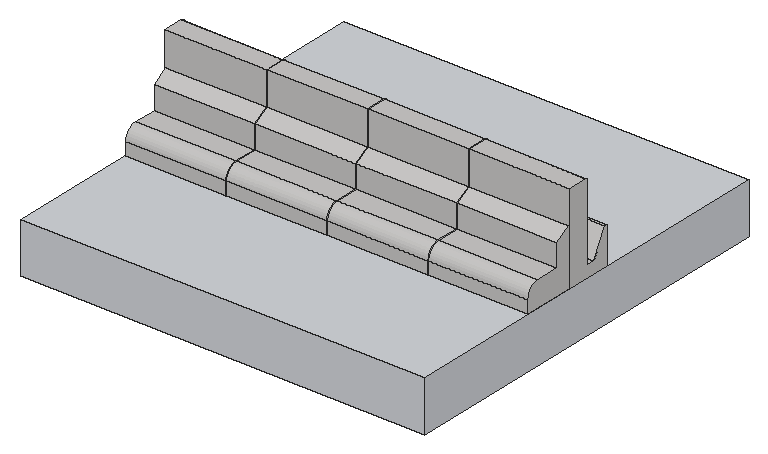
Revit family
Parameters (values of type "8981-4-IS-RL")
  Waste Connection = yes
  WFU = 0
  Voltage = 0
  Vent Connection = no
  URL = "http://www.neo-metro.com"
  Type Comments = ""
  Tempered Water Connection = no
  Revised Date = "03/19/13"
  Phone# = "626-336-4561"
  PDM-HP - Metering Liquid Soap System (Mira) = no
  PDM - Metering Liquid Soap System (Satin) = no
  Model = "8981-4-IS-RL"
  Material = Stainless Steel
  Manufacturer = "Neo-Metro"
  HWFU = 0
  HW Connection = yes
  HTR - Electric Water Heater = no
  Designed By = "ATS BIM Team"
  Description = "Straight Front Washbasin"
  Default Elevation = 34"
  DMJ-SO - Sensor Operated (Plug-in Power Supply) Deck Mounted L-Spout = no
  DMJ-SO - Sensor Operated (Plug-in Power Supply) Deck Mounted J-Spout = no
  DMJ-H - Hand Operated Deck Mounted L-Spout = no
  DMJ-H - Hand Operated Deck Mounted J-Spout = no
  CWFU = 0
  CW Connection = yes
  Assembly Code = ""
  Amperage = 0
  9 - Punching for Valve (Customer will provide own faucet/valves. Neo-Metro will provide hole punching to accomodate Customer's faucet.) Please provide Neo-Metro with faucet's specification drawings. (All holes punchings will be the same diameter.) = no
Reference planes (in)
  plane 1 "Center (Front/Back)": y = 0
  plane 2: z = 0
  plane 3 "Center (Left/Right)": x = 0
  plane 4: z = 21.5
  plane 5: y = -17
  plane 6: y = 6
  plane 7: y = -5
  plane 8: z = 6
  plane 9: y = -8.5
  plane 10: z = 9
  plane 11: z = 3
  plane 12: x = -48
  plane 13: x = 0
  plane 14: x = -36
  plane 15: x = 24
  plane 16: x = 12
  plane 17: x = -24
  plane 18: x = 48
  plane 19: x = 36
  plane 20: x = -12
Forms (in)
  Extrusion 1, solid
    sketch origin (0, 0, 0) x (1, 0, 0) y (0, 1, 0)
      loop
        line (-48, 48) -> (-48, -48) -> (48, -48) -> (48, 48) -> (-48, 48)
    from 0 to -12
  Extrusion 2, solid, material "Stainless Steel" <- "Material"
    sketch origin (-36, 0, 0) x (0, -1, 0) y (0, 0, 1)
      loop
        line (-6, 0) -> (17, 0) -> (17, 3)
        arc (17, 3) -> (16.12132, 5.12132) -> (14, 6) r 3
        line (14, 6) -> (8.5, 6) -> (8.5, 11.47927) -> (5, 13.5) -> (5, 21.5) -> (0.25, 21.5)
        arc (0.25, 21.5) -> (0.07322, 21.42678) -> (0, 21.25) r 0.25
        line (0, 21.25) -> (0, 3) -> (-2.0359, 3) -> (-5.5, 9) -> (-6, 9) -> (-6, 0)
    from -12 to 12
  Revolve 3, void
    sketch origin (-36, 0, 12.125) x (1, 0, 0) y (0, 1, 0)
      loop
        line (0, 0) -> (0, -4)
        arc (0, -4) -> (4.36451, -2.96487) -> (7.77533, -0.05167) r 9.55235
        arc (7.77533, -0.05167) -> (7.81974, -0.01366) -> (7.87656, 0) r 0.125
        line (7.87656, 0) -> (8, 0) -> (8, 0.58601) -> (0, 0.58601) -> (0, 0)
      axis (0, -4) -> (0, 0.58601)
    angle from -90 to 270
  Extrusion 4, void
    sketch origin (-36, 0, 0) x (1, 0, 0) y (0, 0, 1)
      loop
        circle (0, 12.08772) r 0.75
    from 3.71669 to 5.37972
  Revolve 5, solid, material "Stainless Steel" <- "Material"
    sketch origin (-36, 4.95425, -2.11118) x (0, 0.275637, -0.961262) y (0, 0.961262, 0.275637)
      loop
        line (-9.65598, 1.43409) -> (-9.50729, 1.25047) -> (-9.60643, 1.17019) -> (-9.55254, 1.10365) -> (-9.40779, 1.22086) -> (-9.46168, 1.28741) -> (-9.41281, 1.32698) -> (-9.35892, 1.26043) -> (-9.04029, 1.51846)
        arc (-9.04029, 1.51846) -> (-8.89852, 1.7498) -> (-8.93392, 2.01881) r 0.40645
        line (-8.93392, 2.01881) -> (-9.65598, 1.43409)
      axis (-9.75512, 1.35382) -> (-8.93392, 2.01881)
    angle from 0 to 360
  Revolve 6, solid, material "Stainless Steel" <- "Material"
    sketch origin (-36, 2.86383, -1.30923) x (0, 1, 0) y (0, 0, -1)
      loop
        line (0.98704, -8.30923) -> (1.81136, -8.30923) -> (1.81136, -7.73785) -> (1.55843, -7.73785)
        arc (1.55843, -7.73785) -> (1.1544, -7.9052) -> (0.98704, -8.30923) r 0.57138
      axis (1.81136, -8.30923) -> (0.98704, -8.30923)
    angle from 0 to 360
  Extrusion 7, void
    sketch origin (-36, 0, 0) x (1, 0, 0) y (0, 1, 0)
      loop
        line (-11.75, -5) -> (-12, -5) -> (-12, -17) -> (-11.75, -17) -> (-11.75, -5)
      loop
        line (83.75, -5) -> (83.75, -17) -> (84, -17) -> (84, -5) -> (83.75, -5)
    from 0 to 21.5
  Extrusion 8, solid, material "Stainless Steel" <- "Material"
    sketch origin (-12, 0, 0) x (0, -1, 0) y (0, 0, 1)
      loop
        line (-6, 0) -> (17, 0) -> (17, 3)
        arc (17, 3) -> (16.12132, 5.12132) -> (14, 6) r 3
        line (14, 6) -> (8.5, 6) -> (8.5, 11.47927) -> (5, 13.5) -> (5, 21.5) -> (0.25, 21.5)
        arc (0.25, 21.5) -> (0.07322, 21.42678) -> (0, 21.25) r 0.25
        line (0, 21.25) -> (0, 3) -> (-2.0359, 3) -> (-5.5, 9) -> (-6, 9) -> (-6, 0)
    from -12 to 12
  Revolve 9, void
    sketch origin (-12, 0, 12.125) x (1, 0, 0) y (0, 1, 0)
      loop
        line (0, 0) -> (0, -4)
        arc (0, -4) -> (4.36451, -2.96487) -> (7.77533, -0.05167) r 9.55235
        arc (7.77533, -0.05167) -> (7.81974, -0.01366) -> (7.87656, 0) r 0.125
        line (7.87656, 0) -> (8, 0) -> (8, 0.58601) -> (0, 0.58601) -> (0, 0)
      axis (0, -4) -> (0, 0.58601)
    angle from -90 to 270
  Extrusion 10, void
    sketch origin (-12, 0, 0) x (1, 0, 0) y (0, 0, 1)
      loop
        circle (0, 12.08772) r 0.75
    from 3.71669 to 5.37972
  Revolve 11, solid, material "Stainless Steel" <- "Material"
    sketch origin (-12, 4.95425, -2.11118) x (0, 0.275637, -0.961262) y (0, 0.961262, 0.275637)
      loop
        line (-9.65598, 1.43409) -> (-9.50729, 1.25047) -> (-9.60643, 1.17019) -> (-9.55254, 1.10365) -> (-9.40779, 1.22086) -> (-9.46168, 1.28741) -> (-9.41281, 1.32698) -> (-9.35892, 1.26043) -> (-9.04029, 1.51846)
        arc (-9.04029, 1.51846) -> (-8.89852, 1.7498) -> (-8.93392, 2.01881) r 0.40645
        line (-8.93392, 2.01881) -> (-9.65598, 1.43409)
      axis (-9.75512, 1.35382) -> (-8.93392, 2.01881)
    angle from 0 to 360
  Revolve 12, solid, material "Stainless Steel" <- "Material"
    sketch origin (-12, 2.86383, -1.30923) x (0, 1, 0) y (0, 0, -1)
      loop
        line (0.98704, -8.30923) -> (1.81136, -8.30923) -> (1.81136, -7.73785) -> (1.55843, -7.73785)
        arc (1.55843, -7.73785) -> (1.1544, -7.9052) -> (0.98704, -8.30923) r 0.57138
      axis (1.81136, -8.30923) -> (0.98704, -8.30923)
    angle from 0 to 360
  Extrusion 13, solid, material "Stainless Steel" <- "Material"
    sketch origin (12, 0, 0) x (0, -1, 0) y (0, 0, -1)
      loop
        line (-6, 0) -> (-6, -9) -> (-5.5, -9) -> (-2.0359, -3) -> (0, -3) -> (0, -21.25)
        arc (0, -21.25) -> (0.07322, -21.42678) -> (0.25, -21.5) r 0.25
        line (0.25, -21.5) -> (5, -21.5) -> (5, -13.5) -> (8.5, -11.47927) -> (8.5, -6) -> (14, -6)
        arc (14, -6) -> (16.12132, -5.12132) -> (17, -3) r 3
        line (17, -3) -> (17, 0) -> (-6, 0)
    from -12 to 12
  Revolve 14, void
    sketch origin (12, 0, 12.125) x (-1, 0, 0) y (0, -1, 0)
      loop
        line (0, 0) -> (0, -0.58601) -> (8, -0.58601) -> (8, 0) -> (7.87656, 0)
        arc (7.87656, 0) -> (7.81974, 0.01366) -> (7.77533, 0.05167) r 0.125
        arc (7.77533, 0.05167) -> (4.36451, 2.96487) -> (0, 4) r 9.55235
        line (0, 4) -> (0, 0)
      axis (0, 4) -> (0, -0.58601)
    angle from -90 to 270
  Extrusion 15, void
    sketch origin (12, 0, 0) x (-1, 0, 0) y (0, 0, -1)
      loop
        circle (0, -12.08772) r 0.75
    from 3.71669 to 5.37972
  Revolve 16, solid, material "Stainless Steel" <- "Material"
    sketch origin (12, 4.95425, -2.11118) x (0, 0.275637, -0.961262) y (0, -0.961262, -0.275637)
      loop
        line (-9.65598, -1.43409) -> (-8.93392, -2.01881)
        arc (-8.93392, -2.01881) -> (-8.89852, -1.7498) -> (-9.04029, -1.51846) r 0.40645
        line (-9.04029, -1.51846) -> (-9.35892, -1.26043) -> (-9.41281, -1.32698) -> (-9.46168, -1.28741) -> (-9.40779, -1.22086) -> (-9.55254, -1.10365) -> (-9.60643, -1.17019) -> (-9.50729, -1.25047) -> (-9.65598, -1.43409)
      axis (-9.75512, -1.35382) -> (-8.93392, -2.01881)
    angle from 0 to 360
  Revolve 17, solid, material "Stainless Steel" <- "Material"
    sketch origin (12, 2.86383, -1.30923) x (0, 1, 0) y (0, 0, 1)
      loop
        arc (0.98704, 8.30923) -> (1.1544, 7.9052) -> (1.55843, 7.73785) r 0.57138
        line (1.55843, 7.73785) -> (1.81136, 7.73785) -> (1.81136, 8.30923) -> (0.98704, 8.30923)
      axis (1.81136, 8.30923) -> (0.98704, 8.30923)
    angle from 0 to 360
  Extrusion 18, solid, material "Stainless Steel" <- "Material"
    sketch origin (36, 0, 0) x (0, -1, 0) y (0, 0, -1)
      loop
        line (-6, 0) -> (-6, -9) -> (-5.5, -9) -> (-2.0359, -3) -> (0, -3) -> (0, -21.25)
        arc (0, -21.25) -> (0.07322, -21.42678) -> (0.25, -21.5) r 0.25
        line (0.25, -21.5) -> (5, -21.5) -> (5, -13.5) -> (8.5, -11.47927) -> (8.5, -6) -> (14, -6)
        arc (14, -6) -> (16.12132, -5.12132) -> (17, -3) r 3
        line (17, -3) -> (17, 0) -> (-6, 0)
    from -12 to 12
  Revolve 19, void
    sketch origin (36, 0, 12.125) x (-1, 0, 0) y (0, -1, 0)
      loop
        line (0, 0) -> (0, -0.58601) -> (8, -0.58601) -> (8, 0) -> (7.87656, 0)
        arc (7.87656, 0) -> (7.81974, 0.01366) -> (7.77533, 0.05167) r 0.125
        arc (7.77533, 0.05167) -> (4.36451, 2.96487) -> (0, 4) r 9.55235
        line (0, 4) -> (0, 0)
      axis (0, 4) -> (0, -0.58601)
    angle from -90 to 270
  Extrusion 20, void
    sketch origin (36, 0, 0) x (-1, 0, 0) y (0, 0, -1)
      loop
        circle (0, -12.08772) r 0.75
    from 3.71669 to 5.37972
  Revolve 21, solid, material "Stainless Steel" <- "Material"
    sketch origin (36, 4.95425, -2.11118) x (0, 0.275637, -0.961262) y (0, -0.961262, -0.275637)
      loop
        line (-9.65598, -1.43409) -> (-8.93392, -2.01881)
        arc (-8.93392, -2.01881) -> (-8.89852, -1.7498) -> (-9.04029, -1.51846) r 0.40645
        line (-9.04029, -1.51846) -> (-9.35892, -1.26043) -> (-9.41281, -1.32698) -> (-9.46168, -1.28741) -> (-9.40779, -1.22086) -> (-9.55254, -1.10365) -> (-9.60643, -1.17019) -> (-9.50729, -1.25047) -> (-9.65598, -1.43409)
      axis (-9.75512, -1.35382) -> (-8.93392, -2.01881)
    angle from 0 to 360
  Revolve 22, solid, material "Stainless Steel" <- "Material"
    sketch origin (36, 2.86383, -1.30923) x (0, 1, 0) y (0, 0, 1)
      loop
        arc (0.98704, 8.30923) -> (1.1544, 7.9052) -> (1.55843, 7.73785) r 0.57138
        line (1.55843, 7.73785) -> (1.81136, 7.73785) -> (1.81136, 8.30923) -> (0.98704, 8.30923)
      axis (1.81136, 8.30923) -> (0.98704, 8.30923)
    angle from 0 to 360
Cuts and joins
  Revolve 3, Extrusion 4, Extrusion 7, Revolve 9, Extrusion 10, Revolve 14, Extrusion 15 cuts Extrusion 2
  Extrusion 7, Revolve 9, Extrusion 10 cuts Extrusion 8
  Revolve 14, Extrusion 15, Revolve 19, Extrusion 20 cuts Extrusion 13
  Extrusion 7, Revolve 19, Extrusion 20 cuts Extrusion 18
Dimensions and locks (in)
  plane 12 to plane 18 = 96"
  plane 2 to plane 4 = 21 1/2"
  plane 10 to plane 2 = 9"
  plane 8 to plane 2 = 6"
  plane 7 to plane 1 "Center (Front/Back)" = 5"
  plane 9 to plane 7 = 3 1/2"
  plane 5 to plane 7 = 12"
  plane 5 to plane 1 "Center (Front/Back)" to plane 6 = 17", 6"
  plane 12 to plane 14 to plane 20 to plane 16 to plane 19 to plane 18 = 12", 24", 24", 24", 12"
  aligned and locked: plane 2 to Extrusion 1
  aligned and locked: level to Extrusion 1
